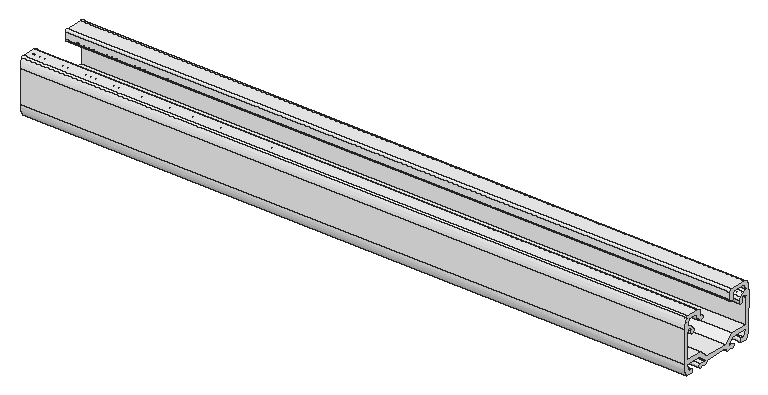
Revit family "ARKOSLIGHT_Track 1L Surface", category Lighting Fixtures, host Face, Revit 2019
Family settings
  Host = Face
  Round Connector Dimension = Use Diameter
  Part Type = Normal
  Cut with Voids When Loaded = No
  Light Source = No
  Shared = No
  Room Calculation Point = No
Parameters (values of type "A2640X00B - TRACK 1L SURFACE XM B")
  URL = "https://www.arkoslight.com/en/product/acctrack1l-es/"
  Model = ARKOSLIGHT_Model  # "ACCESSORIES"
  Manufacturer = "ARKOSLIGHT"  # constant formula
  Length [instance] = 250 mm
  Description = "Select the number and length of profiles suitable for the defined length"
  ARKOSLIGHT_Series = "ACCESORIOS TRACK 1L"  # constant formula
  ARKOSLIGHT_Reference = "A2640X00B"
  ARKOSLIGHT_Model = "ACCESSORIES"  # constant formula
  ARKOSLIGHT_Dimming = "No"  # constant formula
  ARKOSLIGHT_Color = "White"
  ARKOSLIGHT_Fixture Type = "ACCESSORIES"  # constant formula
  Default Elevation = 0 mm
  Apparent Load = 0 VA  # constant formula
  ARKOSLIGHT_Body Color = ARKOSLIGHT_White
Types (2, lengths in mm): name | ARKOSLIGHT_Reference | ARKOSLIGHT_Color | ARKOSLIGHT_Body Color
  A2640X00B - TRACK 1L SURFACE XM B | "A2640X00B" | "White" | ARKOSLIGHT_White
  A2640X00N - TRACK 1L SURFACE XM N | "A2640X00N" | "Black" | ARKOSLIGHT_Black
Reference planes
  plane 1 "Center (Front/Back)": y = 0
  plane 2: z = 0
  plane 3 "Center (Left/Right)": x = 0
  plane 4: x = 125
  plane 5: x = -125
  plane 6: y = 15
  plane 7: y = -15
  plane 8: z = 19.999
Forms (mm)
  Extrusion 1, solid, material "ARKOSLIGHT_White" <- "ARKOSLIGHT_Body Color"
    sketch origin (-125, -221.408, 1219.2) x (0, -1, 0) y (0, 0, -1)
      loop
        arc (-236.408, 1203.201) -> (-236.191, 1201.369) -> (-235.555, 1199.638) r 7.869
        arc (-235.555, 1199.638) -> (-235.26, 1199.319) -> (-234.842, 1199.201) r 0.8
        line (-234.842, 1199.201) -> (-228.553, 1199.201)
        arc (-228.553, 1199.201) -> (-228.097, 1199.389) -> (-227.908, 1199.845) r 0.645
        line (-227.908, 1199.845) -> (-227.908, 1202.621)
        arc (-227.908, 1202.621) -> (-228.508, 1203.221) -> (-229.108, 1202.621) r 0.6
        line (-229.108, 1202.621) -> (-229.108, 1201)
        arc (-229.108, 1201) -> (-229.283, 1200.576) -> (-229.708, 1200.4) r 0.6
        line (-229.708, 1200.4) -> (-234.52, 1200.4) -> (-235.011, 1202.008)
        arc (-235.011, 1202.008) -> (-234.737, 1202.518) -> (-234.194, 1202.719) r 0.817
        arc (-234.194, 1202.719) -> (-233.494, 1203.112) -> (-232.922, 1203.677) r 3.018
        arc (-232.922, 1203.677) -> (-232.602, 1204.172) -> (-232.35, 1204.704) r 4.433
        arc (-232.35, 1204.704) -> (-232.198, 1205.286) -> (-232.522, 1205.792) r 0.751
        arc (-232.522, 1205.792) -> (-233.264, 1205.779) -> (-233.277, 1205.037) r 0.534
        arc (-233.277, 1205.037) -> (-233.285, 1204.174) -> (-233.961, 1203.635) r 1.005
        arc (-233.961, 1203.635) -> (-234.772, 1203.971) -> (-235.108, 1204.782) r 1.147
        line (-235.108, 1204.782) -> (-235.108, 1214) -> (-228.608, 1214) -> (-225.908, 1216.7) -> (-216.907, 1216.7) -> (-214.207, 1214) -> (-207.707, 1214) -> (-207.707, 1204.782)
        arc (-207.707, 1204.782) -> (-208.043, 1203.971) -> (-208.854, 1203.635) r 1.147
        arc (-208.854, 1203.635) -> (-209.53, 1204.174) -> (-209.538, 1205.037) r 1.005
        arc (-209.538, 1205.037) -> (-209.551, 1205.779) -> (-210.293, 1205.792) r 0.534
        arc (-210.293, 1205.792) -> (-210.617, 1205.286) -> (-210.465, 1204.704) r 0.751
        arc (-210.465, 1204.704) -> (-210.213, 1204.172) -> (-209.893, 1203.677) r 4.433
        arc (-209.893, 1203.677) -> (-209.321, 1203.112) -> (-208.621, 1202.719) r 3.018
        arc (-208.621, 1202.719) -> (-208.078, 1202.518) -> (-207.804, 1202.008) r 0.817
        line (-207.804, 1202.008) -> (-208.295, 1200.387) -> (-211.625, 1200.387)
        arc (-211.625, 1200.387) -> (-212.045, 1200.561) -> (-212.219, 1200.981) r 0.594
        arc (-212.219, 1200.981) -> (-212.733, 1202.543) -> (-214.307, 1203.016) r 1.778
        arc (-214.307, 1203.016) -> (-214.915, 1202.408) -> (-214.307, 1201.8) r 0.608
        line (-214.307, 1201.8) -> (-213.423, 1201.8) -> (-213.423, 1199.845)
        arc (-213.423, 1199.845) -> (-213.234, 1199.389) -> (-212.778, 1199.201) r 0.645
        line (-212.778, 1199.201) -> (-207.973, 1199.201)
        arc (-207.973, 1199.201) -> (-207.555, 1199.319) -> (-207.26, 1199.638) r 0.8
        arc (-207.26, 1199.638) -> (-206.624, 1201.369) -> (-206.408, 1203.201) r 7.869
        line (-206.408, 1203.201) -> (-206.408, 1215.2)
        arc (-206.408, 1215.2) -> (-206.741, 1217.303) -> (-207.707, 1219.2) r 6.804
        line (-207.707, 1219.2) -> (-209.379, 1219.2)
        arc (-209.379, 1219.2) -> (-210.029, 1218.55) -> (-209.379, 1217.9) r 0.65
        line (-209.379, 1217.9) -> (-208.32, 1217.9)
        arc (-208.32, 1217.9) -> (-207.883, 1216.731) -> (-207.679, 1215.5) r 6.441
        line (-207.679, 1215.5) -> (-213.586, 1215.5) -> (-215.986, 1217.9) -> (-213.97, 1217.9)
        arc (-213.97, 1217.9) -> (-213.32, 1218.55) -> (-213.97, 1219.2) r 0.65
        line (-213.97, 1219.2) -> (-215.59, 1219.2)
        arc (-215.59, 1219.2) -> (-216.573, 1218.931) -> (-217.282, 1218.2) r 1.932
        line (-217.282, 1218.2) -> (-225.533, 1218.2)
        arc (-225.533, 1218.2) -> (-226.242, 1218.931) -> (-227.225, 1219.2) r 1.932
        line (-227.225, 1219.2) -> (-228.845, 1219.2)
        arc (-228.845, 1219.2) -> (-229.495, 1218.55) -> (-228.845, 1217.9) r 0.65
        line (-228.845, 1217.9) -> (-226.829, 1217.9) -> (-229.229, 1215.5) -> (-235.136, 1215.5)
        arc (-235.136, 1215.5) -> (-234.932, 1216.731) -> (-234.495, 1217.9) r 6.441
        line (-234.495, 1217.9) -> (-233.436, 1217.9)
        arc (-233.436, 1217.9) -> (-232.786, 1218.55) -> (-233.436, 1219.2) r 0.65
        line (-233.436, 1219.2) -> (-235.108, 1219.2)
        arc (-235.108, 1219.2) -> (-236.074, 1217.303) -> (-236.408, 1215.2) r 6.804
        line (-236.408, 1215.2) -> (-236.408, 1203.201)
    from 0 to 250
Dimensions and locks
  "Length": plane 5 to plane 4
  locked: plane 8 to plane 2 at 19.999
  equal spacing: plane 5, plane 3 "Center (Left/Right)", plane 4
  equal spacing: plane 6, plane 1 "Center (Front/Back)", plane 7
  locked: plane 6 to plane 7 at 30
  aligned and locked: plane 2 to host face
  aligned and locked: level to host face
  aligned and locked: Extrusion 1 to plane 5
  aligned and locked: Extrusion 1 to plane 4
Automatic sketch dimensions
  host sketch curve to host sketch curve = 486.772 mm
  host sketch curve to host sketch curve = 1105.173 mm
  Extrusion 1 sketch curve to plane 6 = 0 mm
  Extrusion 1 sketch curve to level = 0 mm  (x4)
  Extrusion 1 sketch curve to plane 8 = 0 mm  (x2)
  Extrusion 1 sketch curve to plane 7 = 0 mm
  Extrusion 1 sketch curve to plane 6 = 0.067 mm
  plane 6 to Extrusion 1 sketch curve = 1.098 mm
  plane 6 to Extrusion 1 sketch curve = 1.272 mm
  plane 6 to Extrusion 1 sketch curve = 1.3 mm  (x2)
  plane 6 to Extrusion 1 sketch curve = 1.397 mm
  plane 6 to Extrusion 1 sketch curve = 1.566 mm
  plane 8 to Extrusion 1 sketch curve = 1.2 mm
  Extrusion 1 sketch curve to Extrusion 1 sketch curve = 0.322 mm  (x2)
  Extrusion 1 sketch curve to Extrusion 1 sketch curve = 0.613 mm
  Extrusion 1 sketch curve to Extrusion 1 sketch curve = 0.81 mm  (x2)
  Extrusion 1 sketch curve to Extrusion 1 sketch curve = 0.919 mm
  Extrusion 1 sketch curve to Extrusion 1 sketch curve = 0.227 mm  (x2)
  Extrusion 1 sketch curve to Extrusion 1 sketch curve = 1.059 mm  (x2)
  Extrusion 1 sketch curve to Extrusion 1 sketch curve = 1.021 mm  (x2)
  Extrusion 1 sketch curve to Extrusion 1 sketch curve = 0.053 mm  (x2)
  Extrusion 1 sketch curve to Extrusion 1 sketch curve = 4.493 mm
  Extrusion 1 sketch curve to level = 4 mm
  Extrusion 1 sketch curve to Extrusion 1 sketch curve = 0.374 mm  (x2)
  Extrusion 1 sketch curve to Extrusion 1 sketch curve = 0.6 mm
  Extrusion 1 sketch curve to Extrusion 1 sketch curve = 0.384 mm
  Extrusion 1 sketch curve to Extrusion 1 sketch curve = 0.52 mm  (x2)
  Extrusion 1 sketch curve to Extrusion 1 sketch curve = 0.101 mm  (x2)
  Extrusion 1 sketch curve to Extrusion 1 sketch curve = 0.555 mm
  Extrusion 1 sketch curve to Extrusion 1 sketch curve = 0.57 mm
  Extrusion 1 sketch curve to Extrusion 1 sketch curve = 0.03 mm  (x2)
  Extrusion 1 sketch curve to Extrusion 1 sketch curve = 1.62 mm  (x2)
  Extrusion 1 sketch curve to level = 1.3 mm
  Extrusion 1 sketch curve to Extrusion 1 sketch curve = 0.396 mm  (x2)
  Extrusion 1 sketch curve to Extrusion 1 sketch curve = 1.317 mm
  Extrusion 1 sketch curve to level = 1 mm
  Extrusion 1 sketch curve to Extrusion 1 sketch curve = 1.296 mm  (x2)
  Extrusion 1 sketch curve to plane 1 "Center (Front/Back)" = 4.125 mm
  Extrusion 1 sketch curve to Extrusion 1 sketch curve = 0.375 mm
  Extrusion 1 sketch curve to plane 1 "Center (Front/Back)" = 7.101 mm
  Extrusion 1 sketch curve to Extrusion 1 sketch curve = 1.383 mm
  Extrusion 1 sketch curve to Extrusion 1 sketch curve = 0.333 mm
  Extrusion 1 sketch curve to level = 3.7 mm
  plane 8 to Extrusion 1 sketch curve = 0.645 mm
  Extrusion 1 sketch curve to Extrusion 1 sketch curve = 0.551 mm
  Extrusion 1 sketch curve to Extrusion 1 sketch curve = 1.153 mm
  Extrusion 1 sketch curve to plane 7 = 3.521 mm
  Extrusion 1 sketch curve to plane 7 = 2.971 mm
  Extrusion 1 sketch curve to Extrusion 1 sketch curve = 0.24 mm
  Extrusion 1 sketch curve to Extrusion 1 sketch curve = 0.319 mm
  Extrusion 1 sketch curve to plane 7 = 1.3 mm  (x2)
  Extrusion 1 sketch curve to plane 7 = 1.272 mm
  Extrusion 1 sketch curve to Extrusion 1 sketch curve = 0.202 mm
  plane 7 to Extrusion 1 sketch curve = 0.067 mm
  Extrusion 1 sketch curve to Extrusion 1 sketch curve = 0.65 mm  (x3)
  Extrusion 1 sketch curve to Extrusion 1 sketch curve = 0.568 mm
  Extrusion 1 sketch curve to Extrusion 1 sketch curve = 0.3 mm
  Extrusion 1 sketch curve to Extrusion 1 sketch curve = 1.5 mm  (x2)
  plane 8 to Extrusion 1 sketch curve = 7.129 mm
  Extrusion 1 sketch curve to Extrusion 1 sketch curve = 5.929 mm
  Extrusion 1 sketch curve to Extrusion 1 sketch curve = 0.807 mm  (x2)
  Extrusion 1 sketch curve to Extrusion 1 sketch curve = 0.121 mm  (x2)
  Extrusion 1 sketch curve to Extrusion 1 sketch curve = 0.233 mm  (x2)
  Extrusion 1 sketch curve to Extrusion 1 sketch curve = 0.74 mm  (x2)
  Extrusion 1 sketch curve to Extrusion 1 sketch curve = 0.168 mm  (x2)
  Extrusion 1 sketch curve to Extrusion 1 sketch curve = 2.2 mm
  Extrusion 1 sketch curve to Extrusion 1 sketch curve = 0.58 mm
  Extrusion 1 sketch curve to Extrusion 1 sketch curve = 0.792 mm
  Extrusion 1 sketch curve to Extrusion 1 sketch curve = 1.607 mm
  Extrusion 1 sketch curve to Extrusion 1 sketch curve = 1.193 mm
  Extrusion 1 sketch curve to Extrusion 1 sketch curve = 0.106 mm  (x2)
  Extrusion 1 sketch curve to Extrusion 1 sketch curve = 0.608 mm
  Extrusion 1 sketch curve to Extrusion 1 sketch curve = 0.531 mm
  Extrusion 1 sketch curve to Extrusion 1 sketch curve = 1.136 mm
  plane 8 to Extrusion 1 sketch curve = 1.186 mm
  Extrusion 1 sketch curve to Extrusion 1 sketch curve = 0.386 mm
  Extrusion 1 sketch curve to Extrusion 1 sketch curve = 0.4 mm
  Extrusion 1 sketch curve to Extrusion 1 sketch curve = 0.007 mm
  Extrusion 1 sketch curve to Extrusion 1 sketch curve = 0.338 mm  (x2)
  Extrusion 1 sketch curve to Extrusion 1 sketch curve = 1.039 mm  (x2)
  Extrusion 1 sketch curve to Extrusion 1 sketch curve = 0.364 mm  (x2)
  Extrusion 1 sketch curve to Extrusion 1 sketch curve = 0.59 mm
